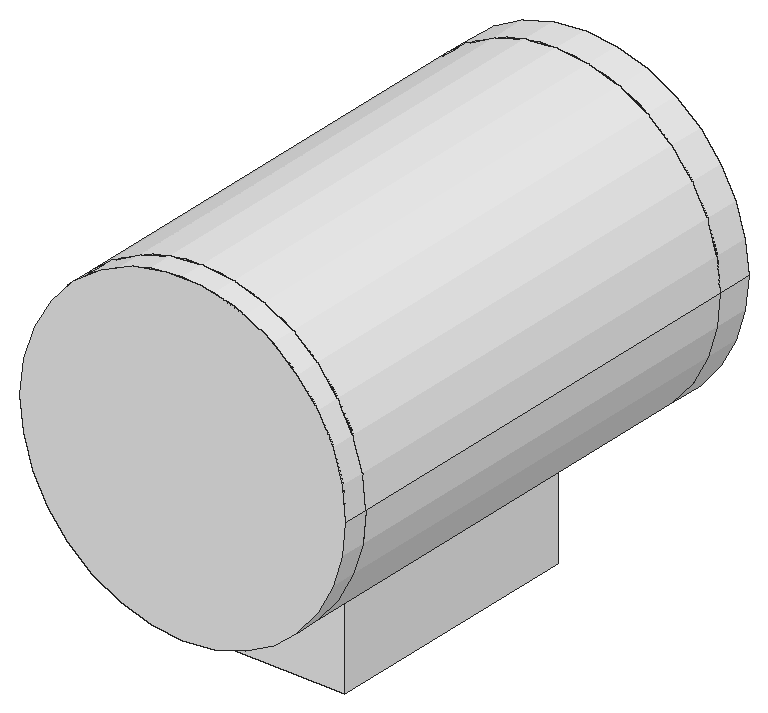
Revit family "KEUCO_14977010000", category Allgemeines Modell, Revit 2016
Family settings
  Teiletyp = Normal
  Kann Basisbauteil für Bewehrung sein = Nein
  Bemaßung runder Anschluss = Durchmesser verwenden
  Arbeitsebenenbasiert = Ja
  Immer vertikal = Nein
  Beim Laden mit Abzugskörper schneiden = Nein
  Gemeinsam genutzt = Nein
  Raumberechnungspunkt = Nein
Parameters (values of type "14977170000")
  Verwendung = "WC / WP"  # constant formula
  URL = "https://www.keuco.com/de/produkte/sortiment/artikel/?pid=14977&oid=1&pgo=20&country=de&lang=de&vid=14977170000"
  Preisgruppe = ""
  Materialien bei Hersteller anfragen = "Anfrage zu:  objektmanagement@keuco.de"
  Material Hairtrockner = Schwarzgrau (RAL 7021)
  Default Elevation = 1219.2 mm
  Serie = "Plan"  # constant formula
  Stange Material = Verchromt
  Rail Length = 851 mm
  Kategorie = "ACC"  # constant formula
  Hersteller = "KEUCO"  # constant formula
  Gewicht = 2.718
  Beschreibung = "wandhängend\r\nFassungsvermögen: 3 l"
  Assembly Code = ""
  Ausschreibungstext = "KEUCO PLAN Hygieneabfallsammler 14977170000\r\nHygieneabfallsammler in Aluminium silber-eloxiert (E6 EV1), \r\nzur Wandmontage, mit Deckel und Tretpedal\r\nkomplett mit herausnehmbarem Kunststoff-Einsatz \r\nfür leichtes Reinigen, 3l Fassungsvermögen\r\nHöhe 258 mm, Durchmesser 167 mm, Ausladung 240 mm\r\nDer Hygieneabfallsammler wird verdeckt angebracht\r\nLieferung inkl. korrosionsfreiem Befestigungsmaterial"
  Artikelnummer = "14977170000"
Types (4, lengths in mm): name | URL | Materialien bei Hersteller anfragen | Stange Material | Beschreibung | Ausschreibungstext | Artikelnummer
  (no name) | "https://www.keuco.com" | "Request to:  objektmanagement@keuco.de" | Verchromt | "--" | "" | "14977010000"
  14977070000 | "https://www.keuco.com/de/produkte/sortiment/artikel/?pid=14977&oid=1&pgo=20&country=de&lang=de&vid=14977070000" | "Request to:  objektmanagement@keuco.de" | Edelstahl | "wandhängend\r\nFassungsvermögen: 3 l" | "KEUCO PLAN Hygieneabfallsammler 14977070000\r\nHygieneabfallsammler aus hochwertigem Edelstahl, \r\nzur Wandmontage, mit Deckel und Tretpedal\r\nkomplett mit herausnehmbarem Kunststoff-Einsatz \r\nfür leichtes Reinigen, 3l Fassungsvermögen\r\nHöhe 258 mm, Durchmesser 167 mm, Ausladung 240 mm\r\nDer Hygieneabfallsammler wird verdeckt angebracht\r\nLieferung inkl. korrosionsfreiem Befestigungsmaterial" | "14977070000"
  14977010000 | "https://www.keuco.com/de/produkte/sortiment/artikel/?pid=14977&oid=1&pgo=20&country=de&lang=de&vid=14977010000" | "Request to:  objektmanagement@keuco.de" | Verchromt | "wandhängend\r\nFassungsvermögen: 3 l" | "KEUCO PLAN Hygieneabfallsammler 14977010000\r\nHygieneabfallsammler in Chrom-finish (Edelstahl poliert), \r\nzur Wandmontage, mit Deckel und Tretpedal\r\nkomplett mit herausnehmbarem Kunststoff-Einsatz \r\nfür leichtes Reinigen, 3l Fassungsvermögen\r\nHöhe 258 mm, Durchmesser 167 mm, Ausladung 240 mm\r\nDer Hygieneabfallsammler wird verdeckt angebracht\r\nLieferung inkl. korrosionsfreiem Befestigungsmaterial" | "14977010000"
  14977170000 | "https://www.keuco.com/de/produkte/sortiment/artikel/?pid=14977&oid=1&pgo=20&country=de&lang=de&vid=14977170000" | "Anfrage zu:  objektmanagement@keuco.de" | Verchromt | "wandhängend\r\nFassungsvermögen: 3 l" | "KEUCO PLAN Hygieneabfallsammler 14977170000\r\nHygieneabfallsammler in Aluminium silber-eloxiert (E6 EV1), \r\nzur Wandmontage, mit Deckel und Tretpedal\r\nkomplett mit herausnehmbarem Kunststoff-Einsatz \r\nfür leichtes Reinigen, 3l Fassungsvermögen\r\nHöhe 258 mm, Durchmesser 167 mm, Ausladung 240 mm\r\nDer Hygieneabfallsammler wird verdeckt angebracht\r\nLieferung inkl. korrosionsfreiem Befestigungsmaterial" | "14977170000"
Reference planes
  plane 1 "Center (Front/Back)": y = 0
  plane 2: z = 0
  plane 3 "Center (Left/Right)": x = 0
  plane 4: z = 210
  plane 5: z = 61.529
Forms (mm)
  Extrusion 1, solid, material "Verchromt" <- "Stange Material"
    sketch origin (-0.807, 0, 0) x (-1, 0, 0) y (0, 0, -1)
      loop
        line (29.193, -48.575) -> (29.193, 0) -> (-30.807, 0) -> (-30.807, -48.575)
        arc (-30.807, -48.575) -> (-0.807, -43) -> (29.193, -48.575) r 83.5
    from -202.44 to -66.299
  Extrusion 2, solid, material "Verchromt" <- "Stange Material"
    sketch origin (-0.807, 75, 21.221) x (-1, 0, 0) y (0, 0, -1)
      loop
        circle (-0.807, -105.279) r 83.5
    from -183.017 to -164.818
  Extrusion 3, solid, material "Verchromt" <- "Stange Material"
    sketch origin (-0.807, -183.017, 21.221) x (-1, 0, 0) y (0, 0, -1)
      loop
        circle (-0.807, -105.279) r 83.5
    from -195.711 to -183.017
  Extrusion 4, solid, material "Verchromt" <- "Stange Material"
    sketch origin (-0.807, 62.306, 21.221) x (-1, 0, 0) y (0, 0, -1)
      loop
        circle (-0.807, -105.279) r 83.5
    from -177.512 to 49.612
Dimensions and locks
  plane 4 to level = 210 mm
  plane 2 to plane 4 = 210 mm
  plane 1 "Center (Front/Back)" to Extrusion 2 = 258.017 mm
  aligned and locked: level to plane 2
